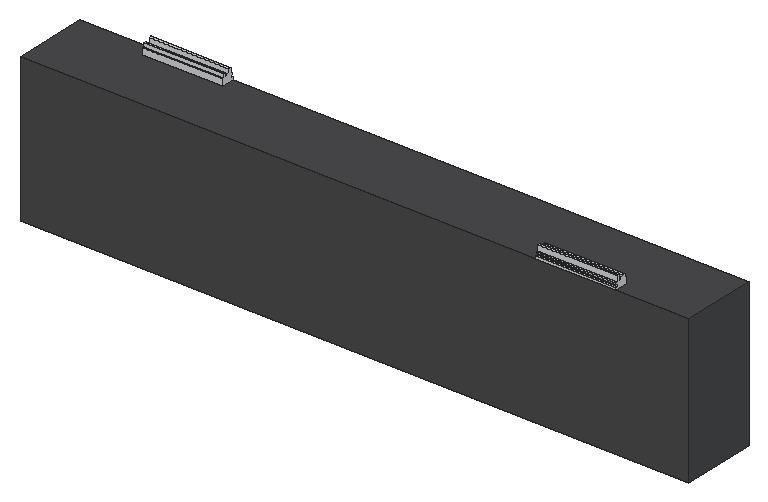
Revit family "STRIPE BLOCK RAIL 328_DTM15W.3.2.90", category Luminarias, Revit 2019
Family settings
  Cota de conector redondo = Diámetro de uso
  Tipo de pieza = Normal
  Se basa en plano de trabajo = Sí
  Siempre vertical = Sí
  Corte con vacíos al cargar = No
  Origen de luz = Sí
  Compartido = No
  Punto de cálculo de habitación = No
Parameters (values of type "STRIPE BLOCK RAIL 328_DTM15W.3.2.90")
  Ángulo de inclinación = 60.00°
  Zone [instance] = ""
  Watt per fixture = 15
  Wattage = 15 W
  built-in parameter 1150107 = 3000 (stored number, unit not read)
  built-in parameter 1150110 = 1 (stored number, unit not read)
  built-in parameter 1150109 = 1 (stored number, unit not read)
  built-in parameter 1150112 = 1 (stored number, unit not read)
  built-in parameter 1150113 = 1 (stored number, unit not read)
  built-in parameter 1114218 = 1 (stored number, unit not read)
  Keynote = ""
  built-in parameter 1150137 = (empty or 0)
  built-in parameter 1150132 = (empty or 0)
  Modelo = "DTM15W.3.2.90"
  Lámpara = "2835SMD SAMSUNG"
  built-in parameter 1150105 = 91.912 (stored number, unit not read)
  built-in parameter 1150102 = (empty or 0)
  built-in parameter 1150106 = 0.91912 (stored number, unit not read)
  Lumens = 1155 lm
  Color Filter = 16777215
  built-in parameter 1114217 = 1 (stored number, unit not read)
  built-in parameter 1150139 = (empty or 0)
  Fabricante = "BRILLANT"
  Default Elevation = 1219.2 mm
  built-in parameter 1150104 = 7.1535 (stored number, unit not read)
  Descripción = "LUMINARIA DOWNLIGHT EN FORMATO RECTANGULAR COMPATIBLE CON RIEL DE 6 ENTRADAS Y 3 CIRCUITOS, CUERPO DE ALUMINIO ACABADO EN COLOR NEGRO, IP 20, PESO 0.72Kg, TIPO DE LED 2835SMD SAMSUNG CON 15W TOTAL, 1100 LUMENES, 77LM/W, IRC 90, TEMPERATURA EN BLANCO CALIDO 3000K, 50 MIL HORAS DE VIDA PROMEDIO, APERTURA DE 90 GRADOS POR STOCK, ALIMENTADO A 90-240V"
  built-in parameter 1150115 = 1 (stored number, unit not read)
  built-in parameter 1150114 = 1 (stored number, unit not read)
  Comentarios de vataje = "90-240V"
  built-in parameter 1150138 = (empty or 0)
  built-in parameter 1150134 = (empty or 0)
  Circuit [instance] = ""
  Dimming Lamp Color Temperature Shift = (empty or 0)
  Archivo de red fotométrica = "L328B-15W-830-B-90_IESNA95.IES"
  built-in parameter 1150133 = 10 (stored number, unit not read)
Reference planes
  plane 1 "Centro (Frontal/Posterior)": y = 0
  plane 2: z = 0
  plane 3 "Centro (Izquierda/Derecha)": x = 0
Forms (mm)
  Extrusion 1, solid, material "Default Form"
    sketch origin (0, 0, 0) x (1, 0, 0) y (0, 0, 1)
      loop
        line (-164, 0) -> (-164, -72) -> (164, -72) -> (164, 0) -> (-164, 0)
    from -18.326 to 18.326
  Extrusion 2, solid
    sketch origin (0, 0, 3.217) x (0, 1, 0) y (0, 0, 1)
      loop
        line (-12.149, -3.217) -> (-12.149, 0) -> (-12.935, 0) -> (-12.935, 1.637) -> (-13.796, 1.637) -> (-13.796, 0) -> (-14.582, 0) -> (-14.582, 0.811) -> (-15.443, 0.811) -> (-15.443, 0) -> (-16.233, 0) -> (-16.233, 2.691) -> (-17.279, 2.691) -> (-17.279, 0) -> (-18.061, 0) -> (-18.061, -0.861) -> (-17.162, -0.861) -> (-17.162, -2.042) -> (-18.326, -2.042) -> (-18.326, -3.217) -> (-12.149, -3.217)
    from 89.098 to 128.24
  Blend 3, void
    base sketch origin (0, 0, 0) x (1, 0, 0) y (0, 1, 0)
      loop
        line (-162, 16.149) -> (-162, -16.149) -> (162.02, -16.149) -> (162.02, 16.149) -> (-162, 16.149)
    top sketch origin (0, 0, 0) x (1, 0, 0) y (0, 1, 0)
      loop
        line (-160, 12.149) -> (-160, -12.149) -> (159.067, -12.149) -> (159.067, 12.149) -> (-160, 12.149)
    from -72 to -61.591
  Extrusion 4, solid
    sketch origin (0, 0, 3.217) x (0, -1, 0) y (0, 0, 1)
      loop
        line (-12.149, -3.217) -> (-12.149, 0) -> (-12.935, 0) -> (-12.935, 1.637) -> (-13.796, 1.637) -> (-13.796, 0) -> (-14.582, 0) -> (-14.582, 0.811) -> (-15.443, 0.811) -> (-15.443, 0) -> (-16.233, 0) -> (-16.233, 2.691) -> (-17.279, 2.691) -> (-17.279, 0) -> (-18.061, 0) -> (-18.061, -0.861) -> (-17.162, -0.861) -> (-17.162, -2.042) -> (-18.326, -2.042) -> (-18.326, -3.217) -> (-12.149, -3.217)
    from 89.098 to 128.24
  Extrusion 5, solid, material "Cristal"
    sketch origin (0, 0, 0) x (1, 0, 0) y (0, 1, 0)
      loop
        line (-162, 16.149) -> (-162, -16.149) -> (162.02, -16.149) -> (162.02, 16.149) -> (-162, 16.149)
    from -71.747 to -71.525
Cuts and joins
  Blend 3 cuts Extrusion 1
Dimensions and locks
  equal spacing: Extrusion 1, plane 1 "Centro (Frontal/Posterior)", Extrusion 1
  Extrusion 1 to plane 1 "Centro (Frontal/Posterior)" = 18.326 mm
  Extrusion 1 to Extrusion 1 = 36.651 mm
  Extrusion 1 to Extrusion 1 = 72 mm
  Extrusion 1 to Extrusion 1 = 328 mm
  cut or joined group of Extrusion 1, Blend 3 to cut or joined group of Extrusion 1, Blend 3 = 72 mm
  cut or joined group of Extrusion 1, Blend 3 to cut or joined group of Extrusion 1, Blend 3 = 36.651 mm
  cut or joined group of Extrusion 1, Blend 3 to cut or joined group of Extrusion 1, Blend 3 = 328 mm
  equal spacing: cut or joined group of Extrusion 1, Blend 3, plane 1 "Centro (Frontal/Posterior)", cut or joined group of Extrusion 1, Blend 3
  aligned and locked: level to plane 2
Automatic sketch dimensions
  Extrusion 1 sketch curve to level = 0 mm
  Extrusion 1 sketch curve to level = 72 mm
  Extrusion 1 sketch curve to plane 3 "Centro (Izquierda/Derecha)" = 164 mm
  plane 3 "Centro (Izquierda/Derecha)" to Extrusion 1 sketch curve = 164 mm
  Extrusion 4 sketch curve to level = 0 mm
  level to Extrusion 4 sketch curve = 1.175 mm
  Extrusion 4 sketch curve to plane 1 "Centro (Frontal/Posterior)" = 18.326 mm
  Extrusion 4 sketch curve to Extrusion 4 sketch curve = 0.265 mm
  Extrusion 4 sketch curve to Extrusion 4 sketch curve = 0.782 mm
  Extrusion 4 sketch curve to Extrusion 4 sketch curve = 1.164 mm
  Extrusion 4 sketch curve to Extrusion 4 sketch curve = 1.046 mm
  Extrusion 4 sketch curve to Extrusion 4 sketch curve = 0.789 mm
  Extrusion 4 sketch curve to Extrusion 4 sketch curve = 0.861 mm  (x3)
  Extrusion 4 sketch curve to Extrusion 4 sketch curve = 0.786 mm
  Extrusion 4 sketch curve to Extrusion 4 sketch curve = 0.785 mm
  Extrusion 4 sketch curve to Extrusion 4 sketch curve = 1.181 mm
  level to Extrusion 4 sketch curve = 3.217 mm
  Extrusion 4 sketch curve to Extrusion 4 sketch curve = 0 mm  (x2)
  Extrusion 4 sketch curve to Extrusion 4 sketch curve = 0.811 mm
  Extrusion 4 sketch curve to Extrusion 4 sketch curve = 0.826 mm
  Extrusion 4 sketch curve to Extrusion 4 sketch curve = 1.88 mm
  Extrusion 2 sketch curve to level = 0 mm
  level to Extrusion 2 sketch curve = 1.175 mm
  plane 1 "Centro (Frontal/Posterior)" to Extrusion 2 sketch curve = 18.326 mm
  Extrusion 2 sketch curve to Extrusion 2 sketch curve = 0.265 mm
  Extrusion 2 sketch curve to Extrusion 2 sketch curve = 0.782 mm
  Extrusion 2 sketch curve to Extrusion 2 sketch curve = 0.117 mm
  Extrusion 2 sketch curve to Extrusion 2 sketch curve = 1.046 mm
  Extrusion 2 sketch curve to Extrusion 2 sketch curve = 0.789 mm
  Extrusion 2 sketch curve to Extrusion 2 sketch curve = 0.861 mm  (x3)
  Extrusion 2 sketch curve to Extrusion 2 sketch curve = 0.786 mm
  Extrusion 2 sketch curve to Extrusion 2 sketch curve = 0.785 mm
  Extrusion 2 sketch curve to Extrusion 2 sketch curve = 1.181 mm
  Extrusion 2 sketch curve to Extrusion 2 sketch curve = 3.217 mm
  Extrusion 2 sketch curve to Extrusion 2 sketch curve = 0 mm  (x2)
  Extrusion 2 sketch curve to Extrusion 2 sketch curve = 0.811 mm
  Extrusion 2 sketch curve to Extrusion 2 sketch curve = 0.826 mm
  Extrusion 2 sketch curve to Extrusion 2 sketch curve = 1.88 mm
  Blend 3 sketch curve to plane 1 "Centro (Frontal/Posterior)" = 16.149 mm
  Blend 3 sketch curve to plane 3 "Centro (Izquierda/Derecha)" = 162 mm
  plane 1 "Centro (Frontal/Posterior)" to Blend 3 sketch curve = 16.149 mm
  plane 3 "Centro (Izquierda/Derecha)" to Blend 3 sketch curve = 162.02 mm
  Blend 3 sketch curve to plane 1 "Centro (Frontal/Posterior)" = 12.149 mm
  Blend 3 sketch curve to plane 3 "Centro (Izquierda/Derecha)" = 160 mm
  plane 1 "Centro (Frontal/Posterior)" to Blend 3 sketch curve = 12.149 mm
  plane 3 "Centro (Izquierda/Derecha)" to Blend 3 sketch curve = 159.067 mm
  plane 1 "Centro (Frontal/Posterior)" to Extrusion 5 sketch curve = 16.149 mm
  Extrusion 5 sketch curve to plane 3 "Centro (Izquierda/Derecha)" = 162 mm
  plane 3 "Centro (Izquierda/Derecha)" to Extrusion 5 sketch curve = 162.02 mm
  Extrusion 5 sketch curve to plane 1 "Centro (Frontal/Posterior)" = 16.149 mm
Connectors
  electrical at (0, 0, 0)
    settings: on cut or joined group of Extrusion 1, Blend 3, index 1, voltage 240 V, apparent load 0 VA, apparent load phase1 0 VA, apparent load phase2 0 VA, apparent load phase3 0 VA, power factor 1, load classification "Otro", number of poles 1, system type 31, power factor state 1, is connector primary yes, connector utility no, sub classification motor no, connector description ""
